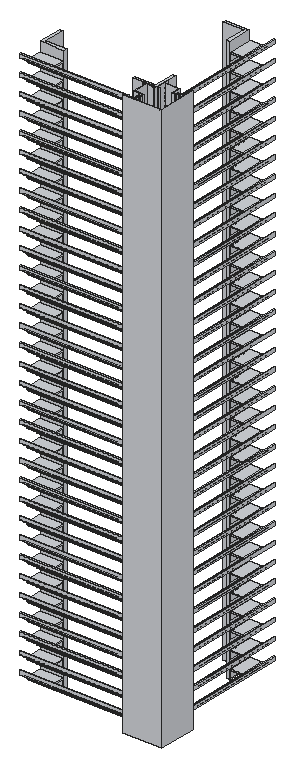
Revit family "ES-EL-2 (Box Corner)", category Mechanical Equipment, Revit 2015 (continued)
Forms (in)
  Extrusion 68, solid
    sketch origin (-14.48764, -11.29971, 23.67069) x (0, 1, 0) y (0, 0, 1)
      loop
        line (10.22317, -20.06353) -> (10.20676, -20.00228) -> (10.15882, -20.01737) -> (10.11406, -20.05206) -> (10.08916, -20.0952) -> (9.97802, -19.96172) -> (9.85682, -19.8373) -> (9.79268, -19.78114) -> (9.72423, -19.73032) -> (9.31671, -19.45246) -> (9.31671, -19.17069) -> (9.25771, -19.17069) -> (9.25771, -19.48365)
    from 4.67064 to 13.65364
  Extrusion 69, solid
    sketch origin (-14.48764, -11.29971, 22.22069) x (0, 1, 0) y (0, 0, 1)
      loop
        line (9.25771, -19.48365) -> (9.41126, -19.58834) -> (9.57839, -19.70229) -> (9.68235, -19.77317) -> (9.75563, -19.82705) -> (9.8224, -19.88601) -> (9.91212, -19.97708) -> (9.99904, -20.07659) -> (10.07997, -20.18154) -> (10.12676, -20.24077) -> (10.16148, -20.26933) -> (10.47814, -20.48524) -> (10.60505, -20.56965) -> (10.64778, -20.58183) -> (10.71035, -20.58276) -> (10.77982, -20.58518) -> (10.83315, -20.59878) -> (10.8957, -20.6332) -> (11.11006, -20.83253) -> (10.96958, -20.83253) -> (10.96958, -20.8907) -> (11.25622, -20.8907) -> (10.98451, -20.63232) -> (10.91566, -20.57063) -> (10.85482, -20.53862) -> (10.78597, -20.52225) -> (10.79667, -20.48232) -> (10.80191, -20.44464) -> (10.79771, -20.40358) -> (10.73388, -20.41014)
        arc (10.73388, -20.41014) -> (10.61986, -20.50924) -> (10.67009, -20.36677) r 0.07813
        line (10.67009, -20.36677) -> (10.65314, -20.30354) -> (10.59963, -20.32231) -> (10.55974, -20.35344) -> (10.53339, -20.39908) -> (10.52654, -20.44683) -> (10.26934, -20.27147) -> (10.29906, -20.25431) -> (10.33558, -20.21607) -> (10.35667, -20.15577) -> (10.35386, -20.10111) -> (10.28979, -20.10794)
        arc (10.28979, -20.10794) -> (10.17595, -20.20657) -> (10.22317, -20.06353) r 0.07812
        line (10.22317, -20.06353) -> (10.20676, -20.00228) -> (10.15882, -20.01737) -> (10.11406, -20.05206) -> (10.08916, -20.0952) -> (9.97802, -19.96172) -> (9.85682, -19.8373) -> (9.79268, -19.78114) -> (9.72423, -19.73032) -> (9.31671, -19.45246) -> (9.31671, -19.17069) -> (9.25771, -19.17069) -> (9.25771, -19.48365)
    from 4.67064 to 13.65364
  Extrusion 70, solid
    sketch origin (-14.48764, -11.29971, 20.77069) x (0, 1, 0) y (0, 0, 1)
      loop
        line (9.25771, -19.48365) -> (9.41126, -19.58834) -> (9.57839, -19.70229) -> (9.68235, -19.77317) -> (9.75563, -19.82705) -> (9.8224, -19.88601) -> (9.91212, -19.97708) -> (9.99904, -20.07659) -> (10.07997, -20.18154) -> (10.12676, -20.24077) -> (10.16148, -20.26933) -> (10.47814, -20.48524) -> (10.60505, -20.56965) -> (10.64778, -20.58183) -> (10.71035, -20.58276) -> (10.77982, -20.58518) -> (10.83315, -20.59878) -> (10.8957, -20.6332) -> (11.11006, -20.83253) -> (10.96958, -20.83253) -> (10.96958, -20.8907) -> (11.25622, -20.8907) -> (10.98451, -20.63232) -> (10.91566, -20.57063) -> (10.85482, -20.53862) -> (10.78597, -20.52225) -> (10.79667, -20.48232) -> (10.80191, -20.44464) -> (10.79771, -20.40358) -> (10.73388, -20.41014)
        arc (10.73388, -20.41014) -> (10.61986, -20.50924) -> (10.67009, -20.36677) r 0.07813
        line (10.67009, -20.36677) -> (10.65314, -20.30354) -> (10.59963, -20.32231) -> (10.55974, -20.35344) -> (10.53339, -20.39908) -> (10.52654, -20.44683) -> (10.26934, -20.27147) -> (10.29906, -20.25431) -> (10.33558, -20.21607) -> (10.35667, -20.15577) -> (10.35386, -20.10111) -> (10.28979, -20.10794)
        arc (10.28979, -20.10794) -> (10.17595, -20.20657) -> (10.22317, -20.06353) r 0.07812
        line (10.22317, -20.06353) -> (10.20676, -20.00228) -> (10.15882, -20.01737) -> (10.11406, -20.05206) -> (10.08916, -20.0952) -> (9.97802, -19.96172) -> (9.85682, -19.8373) -> (9.79268, -19.78114) -> (9.72423, -19.73032) -> (9.31671, -19.45246) -> (9.31671, -19.17069) -> (9.25771, -19.17069) -> (9.25771, -19.48365)
    from 4.67064 to 13.65364
Dimensions and locks (in)
  "Exact Height": plane 4 to level
  Extrusion 4 to Extrusion 3 = 1' - 0"
  Extrusion 3 to Extrusion 6 = 1' - 0"
  equal spacing: group 1, group 2, group 3, group 4, group 5, group 6, group 7, group 8, group 9, group 10, group 11, group 12, group 13, group 14, group 15, group 16, group 33, group 34, group 35, group 36, group 37, group 38, group 39, group 40, group 49, group 50, group 51, group 52, group 53, group 54, group 55, group 56, group 57  (x2)
  equal spacing: group 57, group 56, group 55, group 54, group 53, group 52, group 51, group 50, group 49, group 40, group 39, group 38, group 37, group 36, group 35, group 34, group 33, group 16, group 15, group 14, group 13, group 12, group 11, group 10, group 9, group 8, group 7, group 6, group 5, group 4, group 3, group 2, group 1
  "Blade Spacing": Extrusion 6 to Extrusion 7
  equal spacing: group 17, group 18, group 19, group 20, group 21, group 22, group 23, group 24, group 25, group 26, group 27, group 28, group 29, group 30, group 31, group 32, group 41, group 42, group 43, group 44, group 45, group 46, group 47, group 48, group 58, group 59, group 60, group 61, group 62, group 63, group 64, group 65, group 66  (x2)
  equal spacing: group 66, group 65, group 64, group 63, group 62, group 61, group 60, group 59, group 58, group 48, group 47, group 46, group 45, group 44, group 43, group 42, group 41, group 32, group 31, group 30, group 29, group 28, group 27, group 26, group 25, group 24, group 23, group 22, group 21, group 20, group 19, group 18, group 17
  "Blade Spacing": Extrusion 4 to Extrusion 22
  aligned and locked: level to plane 2
  aligned and locked: plane 4 to Extrusion 1
  aligned and locked: plane 4 to Extrusion 2
  aligned and locked: plane 4 to Extrusion 3
  aligned and locked: plane 4 to Extrusion 5
  aligned and locked: plane 4 to Extrusion 4
  aligned and locked: plane 4 to Extrusion 6
  aligned and locked: Extrusion 6 to Extrusion 7
  aligned and locked: Extrusion 4 to Extrusion 22
Automatic sketch dimensions
  plane 1 "Center (Front/Back)" to Extrusion 1 sketch curve = 0' - 0"
  Extrusion 1 sketch curve to plane 3 "Center (Left/Right)" = 0' - 0"
  Extrusion 1 sketch curve to plane 1 "Center (Front/Back)" = 0' - 0.015"
  Extrusion 1 sketch curve to plane 1 "Center (Front/Back)" = 0' - 0.06"  (x2)
  Extrusion 1 sketch curve to Extrusion 1 sketch curve = 0' - 0.045"  (x2)
  Extrusion 1 sketch curve to Extrusion 1 sketch curve = 0' - 0.06"  (x9)
  Extrusion 1 sketch curve to Extrusion 1 sketch curve = 0' - 0.088"
  Extrusion 1 sketch curve to Extrusion 1 sketch curve = 0' - 0.506"
  plane 3 "Center (Left/Right)" to Extrusion 1 sketch curve = 0' - 0.06"
  Extrusion 1 sketch curve to Extrusion 1 sketch curve = 0' - 0.714"
  Extrusion 1 sketch curve to Extrusion 1 sketch curve = 0' - 0.22614"
  Extrusion 1 sketch curve to Extrusion 1 sketch curve = 0' - 0.06486"
  Extrusion 1 sketch curve to Extrusion 1 sketch curve = 0' - 0.291"
  Extrusion 1 sketch curve to Extrusion 1 sketch curve = 0' - 0.128"  (x2)
  Extrusion 1 sketch curve to Extrusion 1 sketch curve = 0' - 1.202"
  Extrusion 1 sketch curve to Extrusion 1 sketch curve = 0' - 0.22"
  Extrusion 1 sketch curve to Extrusion 1 sketch curve = 0' - 0"  (x4)
  Extrusion 1 sketch curve to Extrusion 1 sketch curve = 0' - 0.062"
  Extrusion 1 sketch curve to Extrusion 1 sketch curve = 0' - 0.219"
  Extrusion 1 sketch curve to Extrusion 1 sketch curve = 0' - 0.592"
  Extrusion 1 sketch curve to Extrusion 1 sketch curve = 0' - 0.159"
  Extrusion 1 sketch curve to Extrusion 1 sketch curve = 0' - 0.04197"
  Extrusion 2 sketch curve to plane 3 "Center (Left/Right)" = 0' - 0"
  plane 1 "Center (Front/Back)" to Extrusion 2 sketch curve = 0' - 0"
  plane 3 "Center (Left/Right)" to Extrusion 2 sketch curve = 0' - 0.015"
  plane 3 "Center (Left/Right)" to Extrusion 2 sketch curve = 0' - 0.06"  (x2)
  Extrusion 2 sketch curve to Extrusion 2 sketch curve = 0' - 0.045"  (x2)
  Extrusion 2 sketch curve to Extrusion 2 sketch curve = 0' - 0.06"  (x9)
  Extrusion 2 sketch curve to Extrusion 2 sketch curve = 0' - 0.088"
  Extrusion 2 sketch curve to Extrusion 2 sketch curve = 0' - 0.506"
  Extrusion 2 sketch curve to plane 1 "Center (Front/Back)" = 0' - 0.06"
  Extrusion 2 sketch curve to Extrusion 2 sketch curve = 0' - 0.714"
  Extrusion 2 sketch curve to Extrusion 2 sketch curve = 0' - 0.22614"
  Extrusion 2 sketch curve to Extrusion 2 sketch curve = 0' - 0.06486"
  Extrusion 2 sketch curve to Extrusion 2 sketch curve = 0' - 0.291"
  Extrusion 2 sketch curve to Extrusion 2 sketch curve = 0' - 0.128"  (x2)
  Extrusion 2 sketch curve to Extrusion 2 sketch curve = 0' - 1.202"
  Extrusion 2 sketch curve to Extrusion 2 sketch curve = 0' - 0.22"
  Extrusion 2 sketch curve to Extrusion 2 sketch curve = 0' - 0"  (x4)
  Extrusion 2 sketch curve to Extrusion 2 sketch curve = 0' - 0.062"
  Extrusion 2 sketch curve to Extrusion 2 sketch curve = 0' - 0.219"
  Extrusion 2 sketch curve to Extrusion 2 sketch curve = 0' - 0.592"
  Extrusion 2 sketch curve to Extrusion 2 sketch curve = 0' - 0.159"
  Extrusion 2 sketch curve to Extrusion 2 sketch curve = 0' - 0.04197"
  Extrusion 3 sketch curve to plane 3 "Center (Left/Right)" = 0' - 1.06014"
  plane 3 "Center (Left/Right)" to Extrusion 3 sketch curve = 0' - 2.102"
  Extrusion 3 sketch curve to Extrusion 3 sketch curve = 0' - 0.081"  (x2)
  plane 1 "Center (Front/Back)" to Extrusion 3 sketch curve = 0' - 2.183"
  Extrusion 3 sketch curve to plane 1 "Center (Front/Back)" = 0' - 1.06014"
  Extrusion 4 sketch curve to Extrusion 4 sketch curve = 0' - 0.059"
  Extrusion 4 sketch curve to Extrusion 4 sketch curve = 0' - 0.09455"
  Extrusion 4 sketch curve to Extrusion 4 sketch curve = 0' - 0.16713"
  Extrusion 4 sketch curve to Extrusion 4 sketch curve = 0' - 0.10396"
  Extrusion 4 sketch curve to Extrusion 4 sketch curve = 0' - 0.04188"
  Extrusion 4 sketch curve to Extrusion 4 sketch curve = 0' - 0.07328"
  Extrusion 4 sketch curve to Extrusion 4 sketch curve = 0' - 0.03705"
  Extrusion 4 sketch curve to Extrusion 4 sketch curve = 0' - 0.06678"
  Extrusion 4 sketch curve to Extrusion 4 sketch curve = 0' - 0.03441"
  Extrusion 4 sketch curve to Extrusion 4 sketch curve = 0' - 0.08971"
  Extrusion 4 sketch curve to Extrusion 4 sketch curve = 0' - 0.06591"
  Extrusion 4 sketch curve to Extrusion 4 sketch curve = 0' - 0.02101"
  Extrusion 4 sketch curve to Extrusion 4 sketch curve = 0' - 0.08093"
  Extrusion 4 sketch curve to Extrusion 4 sketch curve = 0' - 0.0092"
  Extrusion 4 sketch curve to Extrusion 4 sketch curve = 0' - 0.0249"
  Extrusion 4 sketch curve to Extrusion 4 sketch curve = 0' - 0.04679"
  Extrusion 4 sketch curve to Extrusion 4 sketch curve = 0' - 0.04475"
  Extrusion 4 sketch curve to Extrusion 4 sketch curve = 0' - 0.03472"
  Extrusion 4 sketch curve to Extrusion 4 sketch curve = 0' - 0.04794"
  Extrusion 4 sketch curve to Extrusion 4 sketch curve = 0' - 0.09251"
  Extrusion 4 sketch curve to Extrusion 4 sketch curve = 0' - 0.01641"
  Extrusion 4 sketch curve to Extrusion 4 sketch curve = 0' - 0.10787"
  Extrusion 4 sketch curve to Extrusion 4 sketch curve = 0' - 0.07052"
  Extrusion 4 sketch curve to Extrusion 4 sketch curve = 0' - 0.02971"
  Extrusion 4 sketch curve to Extrusion 4 sketch curve = 0' - 0.03652"
  Extrusion 4 sketch curve to Extrusion 4 sketch curve = 0' - 0.06407"
  Extrusion 4 sketch curve to Extrusion 4 sketch curve = 0' - 0.0028"
  Extrusion 4 sketch curve to Extrusion 4 sketch curve = 0' - 0.17908"
  Extrusion 4 sketch curve to Extrusion 4 sketch curve = 0' - 0.0484"
  Extrusion 4 sketch curve to Extrusion 4 sketch curve = 0' - 0.00685"
  Extrusion 4 sketch curve to Extrusion 4 sketch curve = 0' - 0.02635"
  Extrusion 4 sketch curve to Extrusion 4 sketch curve = 0' - 0.03989"
  Extrusion 4 sketch curve to Extrusion 4 sketch curve = 0' - 0.07851"
  Extrusion 4 sketch curve to Extrusion 4 sketch curve = 0' - 0.04274"
  Extrusion 4 sketch curve to Extrusion 4 sketch curve = 0' - 0.05351"
  Extrusion 4 sketch curve to Extrusion 4 sketch curve = 0' - 0.13725"
  Extrusion 4 sketch curve to Extrusion 4 sketch curve = 0' - 0.01694"
  Extrusion 4 sketch curve to Extrusion 4 sketch curve = 0' - 0.06256"
  Extrusion 4 sketch curve to Extrusion 4 sketch curve = 0' - 0.06379"
  Extrusion 4 sketch curve to Extrusion 4 sketch curve = 0' - 0.06947"
  Extrusion 4 sketch curve to Extrusion 4 sketch curve = 0' - 0.00615"
  Extrusion 4 sketch curve to Extrusion 4 sketch curve = 0' - 0.0107"
  Extrusion 4 sketch curve to Extrusion 4 sketch curve = 0' - 0.06383"
  Extrusion 4 sketch curve to Extrusion 4 sketch curve = 0' - 0.00524"
  Extrusion 4 sketch curve to Extrusion 4 sketch curve = 0' - 0.05333"
  Extrusion 4 sketch curve to Extrusion 4 sketch curve = 0' - 0.02167"
  Extrusion 4 sketch curve to Extrusion 4 sketch curve = 0' - 0.06255"
  Extrusion 4 sketch curve to Extrusion 4 sketch curve = 0' - 0.01996"
  Extrusion 4 sketch curve to Extrusion 4 sketch curve = 0' - 0.07389"
  Extrusion 4 sketch curve to Extrusion 4 sketch curve = 0' - 0.08882"
  Extrusion 4 sketch curve to Extrusion 4 sketch curve = 0' - 0.14048"
  Extrusion 4 sketch curve to Extrusion 4 sketch curve = 0' - 0.07571"
  Extrusion 4 sketch curve to Extrusion 4 sketch curve = 0' - 0.01536"
  Extrusion 4 sketch curve to Extrusion 4 sketch curve = 0' - 0.04056"
  Extrusion 4 sketch curve to Extrusion 4 sketch curve = 0' - 0.01509"
  Extrusion 4 sketch curve to Extrusion 4 sketch curve = 0' - 0.03469"
  Extrusion 4 sketch curve to Extrusion 4 sketch curve = 0' - 0.06126"
  Extrusion 4 sketch curve to Extrusion 4 sketch curve = 0' - 0.11488"
  Extrusion 4 sketch curve to Extrusion 4 sketch curve = 0' - 0.04313"
  Extrusion 4 sketch curve to Extrusion 4 sketch curve = 0' - 0.03758"
  Extrusion 4 sketch curve to Extrusion 4 sketch curve = 0' - 0.00683"
  Extrusion 4 sketch curve to Extrusion 4 sketch curve = 0' - 0.05466"
  Extrusion 4 sketch curve to Extrusion 4 sketch curve = 0' - 0.08634"
  Extrusion 4 sketch curve to Extrusion 4 sketch curve = 0' - 0.0603"
  Extrusion 4 sketch curve to Extrusion 4 sketch curve = 0' - 0.05923"
  Extrusion 4 sketch curve to Extrusion 4 sketch curve = 0' - 0.03824"
  Extrusion 4 sketch curve to Extrusion 4 sketch curve = 0' - 0.02856"
  Extrusion 4 sketch curve to Extrusion 4 sketch curve = 0' - 0.01716"
  Extrusion 4 sketch curve to Extrusion 4 sketch curve = 0' - 0.08747"
  Extrusion 4 sketch curve to Extrusion 4 sketch curve = 0' - 0.01878"
  Extrusion 4 sketch curve to Extrusion 4 sketch curve = 0' - 0.03113"
  Extrusion 4 sketch curve to Extrusion 4 sketch curve = 0' - 0.06323"
  Extrusion 4 sketch curve to Extrusion 4 sketch curve = 0' - 0.04564"
  Extrusion 4 sketch curve to Extrusion 4 sketch curve = 0' - 0.03681"
  Extrusion 4 sketch curve to Extrusion 4 sketch curve = 0' - 0.00656"
  Extrusion 4 sketch curve to Extrusion 4 sketch curve = 0' - 0.04106"
  Extrusion 4 sketch curve to Extrusion 4 sketch curve = 0' - 0.04775"
  Extrusion 4 sketch curve to Extrusion 4 sketch curve = 0' - 0.03768"
  Extrusion 4 sketch curve to Extrusion 4 sketch curve = 0' - 0.03841"
  Extrusion 4 sketch curve to Extrusion 4 sketch curve = 0' - 0.03993"
  Extrusion 4 sketch curve to Extrusion 4 sketch curve = 0' - 0.01637"
  Extrusion 4 sketch curve to Extrusion 4 sketch curve = 0' - 0 1/8"
  Extrusion 4 sketch curve to Extrusion 4 sketch curve = 0' - 0.03201"
  Extrusion 4 sketch curve to Extrusion 4 sketch curve = 0' - 0.01218"
  Extrusion 4 sketch curve to Extrusion 4 sketch curve = 0' - 0.00093"
  Extrusion 4 sketch curve to Extrusion 4 sketch curve = 0' - 0.06293"
  Extrusion 4 sketch curve to Extrusion 4 sketch curve = 0' - 0.01359"
  Extrusion 4 sketch curve to Extrusion 4 sketch curve = 0' - 0.06169"
  Extrusion 4 sketch curve to Extrusion 4 sketch curve = 0' - 0.06257"
  Extrusion 4 sketch curve to Extrusion 4 sketch curve = 0' - 0.20021"
  Extrusion 4 sketch curve to Extrusion 4 sketch curve = 0' - 0.05817"
  Extrusion 4 sketch curve to Extrusion 4 sketch curve = 0' - 0.10469"
  Extrusion 4 sketch curve to Extrusion 4 sketch curve = 0' - 0.03118"
  plane 1 "Center (Front/Back)" to Extrusion 5 sketch curve = 0' - 0"
  Extrusion 5 sketch curve to plane 3 "Center (Left/Right)" = 0' - 0"
  Extrusion 5 sketch curve to plane 3 "Center (Left/Right)" = 0' - 0 1/4"
  Extrusion 5 sketch curve to Extrusion 5 sketch curve = 0' - 1 3/4"  (x2)
  Extrusion 5 sketch curve to plane 1 "Center (Front/Back)" = 0' - 0 1/4"
  Extrusion 6 sketch curve to Extrusion 6 sketch curve = 0' - 0.059"
  Extrusion 6 sketch curve to Extrusion 6 sketch curve = 0' - 0.09455"
  Extrusion 6 sketch curve to Extrusion 6 sketch curve = 0' - 0.16713"
  Extrusion 6 sketch curve to Extrusion 6 sketch curve = 0' - 0.10396"
  Extrusion 6 sketch curve to Extrusion 6 sketch curve = 0' - 0.04188"
  Extrusion 6 sketch curve to Extrusion 6 sketch curve = 0' - 0.07328"
  Extrusion 6 sketch curve to Extrusion 6 sketch curve = 0' - 0.03705"
  Extrusion 6 sketch curve to Extrusion 6 sketch curve = 0' - 0.06678"
  Extrusion 6 sketch curve to Extrusion 6 sketch curve = 0' - 0.03441"
  Extrusion 6 sketch curve to Extrusion 6 sketch curve = 0' - 0.08971"
  Extrusion 6 sketch curve to Extrusion 6 sketch curve = 0' - 0.06591"
  Extrusion 6 sketch curve to Extrusion 6 sketch curve = 0' - 0.02101"
  Extrusion 6 sketch curve to Extrusion 6 sketch curve = 0' - 0.08093"
  Extrusion 6 sketch curve to Extrusion 6 sketch curve = 0' - 0.0092"
  Extrusion 6 sketch curve to Extrusion 6 sketch curve = 0' - 0.0249"
  Extrusion 6 sketch curve to Extrusion 6 sketch curve = 0' - 0.04679"
  Extrusion 6 sketch curve to Extrusion 6 sketch curve = 0' - 0.04475"
  Extrusion 6 sketch curve to Extrusion 6 sketch curve = 0' - 0.03472"
  Extrusion 6 sketch curve to Extrusion 6 sketch curve = 0' - 0.04794"
  Extrusion 6 sketch curve to Extrusion 6 sketch curve = 0' - 0.09251"
  Extrusion 6 sketch curve to Extrusion 6 sketch curve = 0' - 0.01641"
  Extrusion 6 sketch curve to Extrusion 6 sketch curve = 0' - 0.10787"
  Extrusion 6 sketch curve to Extrusion 6 sketch curve = 0' - 0.07052"
  Extrusion 6 sketch curve to Extrusion 6 sketch curve = 0' - 0.02971"
  Extrusion 6 sketch curve to Extrusion 6 sketch curve = 0' - 0.03652"
  Extrusion 6 sketch curve to Extrusion 6 sketch curve = 0' - 0.06407"
  Extrusion 6 sketch curve to Extrusion 6 sketch curve = 0' - 0.0028"
  Extrusion 6 sketch curve to Extrusion 6 sketch curve = 0' - 0.17908"
  Extrusion 6 sketch curve to Extrusion 6 sketch curve = 0' - 0.0484"
  Extrusion 6 sketch curve to Extrusion 6 sketch curve = 0' - 0.00685"
  Extrusion 6 sketch curve to Extrusion 6 sketch curve = 0' - 0.02635"
  Extrusion 6 sketch curve to Extrusion 6 sketch curve = 0' - 0.03989"
  Extrusion 6 sketch curve to Extrusion 6 sketch curve = 0' - 0.07851"
  Extrusion 6 sketch curve to Extrusion 6 sketch curve = 0' - 0.04274"
  Extrusion 6 sketch curve to Extrusion 6 sketch curve = 0' - 0.05351"
  Extrusion 6 sketch curve to Extrusion 6 sketch curve = 0' - 0.13725"
  Extrusion 6 sketch curve to Extrusion 6 sketch curve = 0' - 0.01694"
  Extrusion 6 sketch curve to Extrusion 6 sketch curve = 0' - 0.06256"
  Extrusion 6 sketch curve to Extrusion 6 sketch curve = 0' - 0.06379"
  Extrusion 6 sketch curve to Extrusion 6 sketch curve = 0' - 0.06947"
  Extrusion 6 sketch curve to Extrusion 6 sketch curve = 0' - 0.00615"
  Extrusion 6 sketch curve to Extrusion 6 sketch curve = 0' - 0.0107"
  Extrusion 6 sketch curve to Extrusion 6 sketch curve = 0' - 0.06383"
  Extrusion 6 sketch curve to Extrusion 6 sketch curve = 0' - 0.00524"
  Extrusion 6 sketch curve to Extrusion 6 sketch curve = 0' - 0.05333"
  Extrusion 6 sketch curve to Extrusion 6 sketch curve = 0' - 0.02167"
  Extrusion 6 sketch curve to Extrusion 6 sketch curve = 0' - 0.06255"
  Extrusion 6 sketch curve to Extrusion 6 sketch curve = 0' - 0.01996"
  Extrusion 6 sketch curve to Extrusion 6 sketch curve = 0' - 0.07389"
  Extrusion 6 sketch curve to Extrusion 6 sketch curve = 0' - 0.08882"
  Extrusion 6 sketch curve to Extrusion 6 sketch curve = 0' - 0.14048"
  Extrusion 6 sketch curve to Extrusion 6 sketch curve = 0' - 0.13587"
  Extrusion 6 sketch curve to Extrusion 6 sketch curve = 0' - 0.03118"
  Extrusion 6 sketch curve to Extrusion 6 sketch curve = 0' - 0.07571"
  Extrusion 6 sketch curve to Extrusion 6 sketch curve = 0' - 0.01536"
  Extrusion 6 sketch curve to Extrusion 6 sketch curve = 0' - 0.04056"
  Extrusion 6 sketch curve to Extrusion 6 sketch curve = 0' - 0.01509"
  Extrusion 6 sketch curve to Extrusion 6 sketch curve = 0' - 0.03469"
  Extrusion 6 sketch curve to Extrusion 6 sketch curve = 0' - 0.06126"
  Extrusion 6 sketch curve to Extrusion 6 sketch curve = 0' - 0.11488"
  Extrusion 6 sketch curve to Extrusion 6 sketch curve = 0' - 0.04313"
  Extrusion 6 sketch curve to Extrusion 6 sketch curve = 0' - 0.03758"
  Extrusion 6 sketch curve to Extrusion 6 sketch curve = 0' - 0.00683"
  Extrusion 6 sketch curve to Extrusion 6 sketch curve = 0' - 0.05466"
  Extrusion 6 sketch curve to Extrusion 6 sketch curve = 0' - 0.08634"
  Extrusion 6 sketch curve to Extrusion 6 sketch curve = 0' - 0.0603"
  Extrusion 6 sketch curve to Extrusion 6 sketch curve = 0' - 0.05923"
  Extrusion 6 sketch curve to Extrusion 6 sketch curve = 0' - 0.03824"
  Extrusion 6 sketch curve to Extrusion 6 sketch curve = 0' - 0.02856"
  Extrusion 6 sketch curve to Extrusion 6 sketch curve = 0' - 0.01716"
  Extrusion 6 sketch curve to Extrusion 6 sketch curve = 0' - 0.08747"
  Extrusion 6 sketch curve to Extrusion 6 sketch curve = 0' - 0.01878"
  Extrusion 6 sketch curve to Extrusion 6 sketch curve = 0' - 0.03113"
  Extrusion 6 sketch curve to Extrusion 6 sketch curve = 0' - 0.06323"
  Extrusion 6 sketch curve to Extrusion 6 sketch curve = 0' - 0.04564"
  Extrusion 6 sketch curve to Extrusion 6 sketch curve = 0' - 0.03681"
  Extrusion 6 sketch curve to Extrusion 6 sketch curve = 0' - 0.00656"
  Extrusion 6 sketch curve to Extrusion 6 sketch curve = 0' - 0.04106"
  Extrusion 6 sketch curve to Extrusion 6 sketch curve = 0' - 0.04775"
  Extrusion 6 sketch curve to Extrusion 6 sketch curve = 0' - 0.03768"
  Extrusion 6 sketch curve to Extrusion 6 sketch curve = 0' - 0.03841"
  Extrusion 6 sketch curve to Extrusion 6 sketch curve = 0' - 0.03993"
  Extrusion 6 sketch curve to Extrusion 6 sketch curve = 0' - 0.01637"
  Extrusion 6 sketch curve to Extrusion 6 sketch curve = 0' - 0 1/8"
  Extrusion 6 sketch curve to Extrusion 6 sketch curve = 0' - 0.03201"
  Extrusion 6 sketch curve to Extrusion 6 sketch curve = 0' - 0.01218"
  Extrusion 6 sketch curve to Extrusion 6 sketch curve = 0' - 0.00093"
  Extrusion 6 sketch curve to Extrusion 6 sketch curve = 0' - 0.06293"
  Extrusion 6 sketch curve to Extrusion 6 sketch curve = 0' - 0.01359"
  Extrusion 6 sketch curve to Extrusion 6 sketch curve = 0' - 0.06169"
  Extrusion 6 sketch curve to Extrusion 6 sketch curve = 0' - 0.06257"
  Extrusion 6 sketch curve to Extrusion 6 sketch curve = 0' - 0.20021"
  Extrusion 6 sketch curve to Extrusion 6 sketch curve = 0' - 0.05817"
  Extrusion 6 sketch curve to Extrusion 6 sketch curve = 0' - 0.14616"
  Extrusion 6 sketch curve to Extrusion 6 sketch curve = 0' - 0.28177"
  Extrusion 6 sketch curve to Extrusion 6 sketch curve = 0' - 0.11395"
  Extrusion 6 sketch curve to Extrusion 6 sketch curve = 0' - 0.02803"
  Extrusion 6 sketch curve to Extrusion 6 sketch curve = 0' - 0.04285"
  Extrusion 6 sketch curve to Extrusion 6 sketch curve = 0' - 0.05082"
  Extrusion 6 sketch curve to Extrusion 6 sketch curve = 0' - 0.04592"
  Extrusion 6 sketch curve to Extrusion 6 sketch curve = 0' - 0.05616"
  Extrusion 6 sketch curve to Extrusion 6 sketch curve = 0' - 0.04871"
  Extrusion 7 sketch curve to Extrusion 7 sketch curve = 0' - 0.059"
  Extrusion 7 sketch curve to Extrusion 7 sketch curve = 0' - 0.09455"
  Extrusion 7 sketch curve to Extrusion 7 sketch curve = 0' - 0.16713"
  Extrusion 7 sketch curve to Extrusion 7 sketch curve = 0' - 0.10396"
  Extrusion 7 sketch curve to Extrusion 7 sketch curve = 0' - 0.04188"
  Extrusion 7 sketch curve to Extrusion 7 sketch curve = 0' - 0.07328"
  Extrusion 7 sketch curve to Extrusion 7 sketch curve = 0' - 0.03705"
  Extrusion 7 sketch curve to Extrusion 7 sketch curve = 0' - 0.06678"
  Extrusion 7 sketch curve to Extrusion 7 sketch curve = 0' - 0.03441"
  Extrusion 7 sketch curve to Extrusion 7 sketch curve = 0' - 0.08971"
  Extrusion 7 sketch curve to Extrusion 7 sketch curve = 0' - 0.06591"
  Extrusion 7 sketch curve to Extrusion 7 sketch curve = 0' - 0.02101"
  Extrusion 7 sketch curve to Extrusion 7 sketch curve = 0' - 0.08093"
  Extrusion 7 sketch curve to Extrusion 7 sketch curve = 0' - 0.0092"
  Extrusion 7 sketch curve to Extrusion 7 sketch curve = 0' - 0.0249"
  Extrusion 7 sketch curve to Extrusion 7 sketch curve = 0' - 0.04679"
  Extrusion 7 sketch curve to Extrusion 7 sketch curve = 0' - 0.04475"
  Extrusion 7 sketch curve to Extrusion 7 sketch curve = 0' - 0.03472"
  Extrusion 7 sketch curve to Extrusion 7 sketch curve = 0' - 0.04794"
  Extrusion 7 sketch curve to Extrusion 7 sketch curve = 0' - 0.09251"
  Extrusion 7 sketch curve to Extrusion 7 sketch curve = 0' - 0.01641"
  Extrusion 7 sketch curve to Extrusion 7 sketch curve = 0' - 0.10787"
  Extrusion 7 sketch curve to Extrusion 7 sketch curve = 0' - 0.07052"
  Extrusion 7 sketch curve to Extrusion 7 sketch curve = 0' - 0.02971"
  Extrusion 7 sketch curve to Extrusion 7 sketch curve = 0' - 0.03652"
  Extrusion 7 sketch curve to Extrusion 7 sketch curve = 0' - 0.06407"
  Extrusion 7 sketch curve to Extrusion 7 sketch curve = 0' - 0.0028"
  Extrusion 7 sketch curve to Extrusion 7 sketch curve = 0' - 0.17908"
  Extrusion 7 sketch curve to Extrusion 7 sketch curve = 0' - 0.0484"
  Extrusion 7 sketch curve to Extrusion 7 sketch curve = 0' - 0.00685"
  Extrusion 7 sketch curve to Extrusion 7 sketch curve = 0' - 0.02635"
  Extrusion 7 sketch curve to Extrusion 7 sketch curve = 0' - 0.03989"
  Extrusion 7 sketch curve to Extrusion 7 sketch curve = 0' - 0.07851"
  Extrusion 7 sketch curve to Extrusion 7 sketch curve = 0' - 0.04274"
  Extrusion 7 sketch curve to Extrusion 7 sketch curve = 0' - 0.05351"
  Extrusion 7 sketch curve to Extrusion 7 sketch curve = 0' - 0.13725"
  Extrusion 7 sketch curve to Extrusion 7 sketch curve = 0' - 0.01694"
  Extrusion 7 sketch curve to Extrusion 7 sketch curve = 0' - 0.06256"
  Extrusion 7 sketch curve to Extrusion 7 sketch curve = 0' - 0.06379"
  Extrusion 7 sketch curve to Extrusion 7 sketch curve = 0' - 0.06947"
  Extrusion 7 sketch curve to Extrusion 7 sketch curve = 0' - 0.00615"
  Extrusion 7 sketch curve to Extrusion 7 sketch curve = 0' - 0.0107"
  Extrusion 7 sketch curve to Extrusion 7 sketch curve = 0' - 0.06383"
  Extrusion 7 sketch curve to Extrusion 7 sketch curve = 0' - 0.00524"
  Extrusion 7 sketch curve to Extrusion 7 sketch curve = 0' - 0.05333"
  Extrusion 7 sketch curve to Extrusion 7 sketch curve = 0' - 0.02167"
  Extrusion 7 sketch curve to Extrusion 7 sketch curve = 0' - 0.06255"
  Extrusion 7 sketch curve to Extrusion 7 sketch curve = 0' - 0.01996"
  Extrusion 7 sketch curve to Extrusion 7 sketch curve = 0' - 0.07389"
  Extrusion 7 sketch curve to Extrusion 7 sketch curve = 0' - 0.08882"
  Extrusion 7 sketch curve to Extrusion 7 sketch curve = 0' - 0.14048"
  Extrusion 7 sketch curve to Extrusion 7 sketch curve = 0' - 0.13587"
  Extrusion 7 sketch curve to Extrusion 7 sketch curve = 0' - 0.03118"
  Extrusion 7 sketch curve to Extrusion 7 sketch curve = 0' - 0.07571"
  Extrusion 7 sketch curve to Extrusion 7 sketch curve = 0' - 0.01536"
  Extrusion 7 sketch curve to Extrusion 7 sketch curve = 0' - 0.04056"
  Extrusion 7 sketch curve to Extrusion 7 sketch curve = 0' - 0.01509"
  Extrusion 7 sketch curve to Extrusion 7 sketch curve = 0' - 0.03469"
  Extrusion 7 sketch curve to Extrusion 7 sketch curve = 0' - 0.06126"
  Extrusion 7 sketch curve to Extrusion 7 sketch curve = 0' - 0.11488"
  Extrusion 7 sketch curve to Extrusion 7 sketch curve = 0' - 0.04313"
  Extrusion 7 sketch curve to Extrusion 7 sketch curve = 0' - 0.03758"
  Extrusion 7 sketch curve to Extrusion 7 sketch curve = 0' - 0.00683"
  Extrusion 7 sketch curve to Extrusion 7 sketch curve = 0' - 0.05466"
  Extrusion 7 sketch curve to Extrusion 7 sketch curve = 0' - 0.08634"
  Extrusion 7 sketch curve to Extrusion 7 sketch curve = 0' - 0.0603"
  Extrusion 7 sketch curve to Extrusion 7 sketch curve = 0' - 0.05923"
  Extrusion 7 sketch curve to Extrusion 7 sketch curve = 0' - 0.03824"
  Extrusion 7 sketch curve to Extrusion 7 sketch curve = 0' - 0.02856"
  Extrusion 7 sketch curve to Extrusion 7 sketch curve = 0' - 0.01716"
  Extrusion 7 sketch curve to Extrusion 7 sketch curve = 0' - 0.08747"
  Extrusion 7 sketch curve to Extrusion 7 sketch curve = 0' - 0.01878"
  Extrusion 7 sketch curve to Extrusion 7 sketch curve = 0' - 0.03113"
  Extrusion 7 sketch curve to Extrusion 7 sketch curve = 0' - 0.06323"
  Extrusion 7 sketch curve to Extrusion 7 sketch curve = 0' - 0.04564"
  Extrusion 7 sketch curve to Extrusion 7 sketch curve = 0' - 0.03681"
  Extrusion 7 sketch curve to Extrusion 7 sketch curve = 0' - 0.00656"
  Extrusion 7 sketch curve to Extrusion 7 sketch curve = 0' - 0.04106"
  Extrusion 7 sketch curve to Extrusion 7 sketch curve = 0' - 0.04775"
  Extrusion 7 sketch curve to Extrusion 7 sketch curve = 0' - 0.03768"
  Extrusion 7 sketch curve to Extrusion 7 sketch curve = 0' - 0.03841"
  Extrusion 7 sketch curve to Extrusion 7 sketch curve = 0' - 0.03993"
  Extrusion 7 sketch curve to Extrusion 7 sketch curve = 0' - 0.01637"
  Extrusion 7 sketch curve to Extrusion 7 sketch curve = 0' - 0 1/8"
  Extrusion 7 sketch curve to Extrusion 7 sketch curve = 0' - 0.03201"
  Extrusion 7 sketch curve to Extrusion 7 sketch curve = 0' - 0.01218"
  Extrusion 7 sketch curve to Extrusion 7 sketch curve = 0' - 0.00093"
  Extrusion 7 sketch curve to Extrusion 7 sketch curve = 0' - 0.06293"
  Extrusion 7 sketch curve to Extrusion 7 sketch curve = 0' - 0.01359"
  Extrusion 7 sketch curve to Extrusion 7 sketch curve = 0' - 0.06169"
  Extrusion 7 sketch curve to Extrusion 7 sketch curve = 0' - 0.06257"
  Extrusion 7 sketch curve to Extrusion 7 sketch curve = 0' - 0.20021"
  Extrusion 7 sketch curve to Extrusion 7 sketch curve = 0' - 0.05817"
  Extrusion 7 sketch curve to Extrusion 7 sketch curve = 0' - 0.14616"
  Extrusion 7 sketch curve to Extrusion 7 sketch curve = 0' - 0.28177"
  Extrusion 7 sketch curve to Extrusion 7 sketch curve = 0' - 0.11395"
  Extrusion 7 sketch curve to Extrusion 7 sketch curve = 0' - 0.02803"
  Extrusion 7 sketch curve to Extrusion 7 sketch curve = 0' - 0.04285"
  Extrusion 7 sketch curve to Extrusion 7 sketch curve = 0' - 0.05082"
  Extrusion 7 sketch curve to Extrusion 7 sketch curve = 0' - 0.04592"
  Extrusion 7 sketch curve to Extrusion 7 sketch curve = 0' - 0.05616"
  Extrusion 7 sketch curve to Extrusion 7 sketch curve = 0' - 0.04871"
  Extrusion 8 sketch curve to Extrusion 8 sketch curve = 0' - 0.059"
  Extrusion 8 sketch curve to Extrusion 8 sketch curve = 0' - 0.09455"
  Extrusion 8 sketch curve to Extrusion 8 sketch curve = 0' - 0.16713"
  Extrusion 8 sketch curve to Extrusion 8 sketch curve = 0' - 0.10396"
  Extrusion 8 sketch curve to Extrusion 8 sketch curve = 0' - 0.04188"
  Extrusion 8 sketch curve to Extrusion 8 sketch curve = 0' - 0.07328"
  Extrusion 8 sketch curve to Extrusion 8 sketch curve = 0' - 0.03705"
  Extrusion 8 sketch curve to Extrusion 8 sketch curve = 0' - 0.06678"
  Extrusion 8 sketch curve to Extrusion 8 sketch curve = 0' - 0.03441"
  Extrusion 8 sketch curve to Extrusion 8 sketch curve = 0' - 0.08971"
  Extrusion 8 sketch curve to Extrusion 8 sketch curve = 0' - 0.06591"
  Extrusion 8 sketch curve to Extrusion 8 sketch curve = 0' - 0.02101"
  Extrusion 8 sketch curve to Extrusion 8 sketch curve = 0' - 0.08093"
  Extrusion 8 sketch curve to Extrusion 8 sketch curve = 0' - 0.0092"
  Extrusion 8 sketch curve to Extrusion 8 sketch curve = 0' - 0.0249"
  Extrusion 8 sketch curve to Extrusion 8 sketch curve = 0' - 0.04679"
  Extrusion 8 sketch curve to Extrusion 8 sketch curve = 0' - 0.04475"
  Extrusion 8 sketch curve to Extrusion 8 sketch curve = 0' - 0.03472"
  Extrusion 8 sketch curve to Extrusion 8 sketch curve = 0' - 0.04794"
  Extrusion 8 sketch curve to Extrusion 8 sketch curve = 0' - 0.09251"
  Extrusion 8 sketch curve to Extrusion 8 sketch curve = 0' - 0.01641"
  Extrusion 8 sketch curve to Extrusion 8 sketch curve = 0' - 0.10787"
  Extrusion 8 sketch curve to Extrusion 8 sketch curve = 0' - 0.07052"
  Extrusion 8 sketch curve to Extrusion 8 sketch curve = 0' - 0.02971"
  Extrusion 8 sketch curve to Extrusion 8 sketch curve = 0' - 0.03652"
  Extrusion 8 sketch curve to Extrusion 8 sketch curve = 0' - 0.06407"
  Extrusion 8 sketch curve to Extrusion 8 sketch curve = 0' - 0.0028"
  Extrusion 8 sketch curve to Extrusion 8 sketch curve = 0' - 0.17908"
  Extrusion 8 sketch curve to Extrusion 8 sketch curve = 0' - 0.0484"
  Extrusion 8 sketch curve to Extrusion 8 sketch curve = 0' - 0.00685"
  Extrusion 8 sketch curve to Extrusion 8 sketch curve = 0' - 0.02635"
  Extrusion 8 sketch curve to Extrusion 8 sketch curve = 0' - 0.03989"
  Extrusion 8 sketch curve to Extrusion 8 sketch curve = 0' - 0.07851"
  Extrusion 8 sketch curve to Extrusion 8 sketch curve = 0' - 0.04274"
  Extrusion 8 sketch curve to Extrusion 8 sketch curve = 0' - 0.05351"
  Extrusion 8 sketch curve to Extrusion 8 sketch curve = 0' - 0.13725"
  Extrusion 8 sketch curve to Extrusion 8 sketch curve = 0' - 0.01694"
  Extrusion 8 sketch curve to Extrusion 8 sketch curve = 0' - 0.06256"
  Extrusion 8 sketch curve to Extrusion 8 sketch curve = 0' - 0.06379"
  Extrusion 8 sketch curve to Extrusion 8 sketch curve = 0' - 0.06947"
  Extrusion 8 sketch curve to Extrusion 8 sketch curve = 0' - 0.00615"
  Extrusion 8 sketch curve to Extrusion 8 sketch curve = 0' - 0.0107"
  Extrusion 8 sketch curve to Extrusion 8 sketch curve = 0' - 0.06383"
  Extrusion 8 sketch curve to Extrusion 8 sketch curve = 0' - 0.00524"
  Extrusion 8 sketch curve to Extrusion 8 sketch curve = 0' - 0.05333"
  Extrusion 8 sketch curve to Extrusion 8 sketch curve = 0' - 0.02167"
  Extrusion 8 sketch curve to Extrusion 8 sketch curve = 0' - 0.06255"
  Extrusion 8 sketch curve to Extrusion 8 sketch curve = 0' - 0.01996"
  Extrusion 8 sketch curve to Extrusion 8 sketch curve = 0' - 0.07389"
  Extrusion 8 sketch curve to Extrusion 8 sketch curve = 0' - 0.08882"
  Extrusion 8 sketch curve to Extrusion 8 sketch curve = 0' - 0.14048"
  Extrusion 8 sketch curve to Extrusion 8 sketch curve = 0' - 0.13587"
  Extrusion 8 sketch curve to Extrusion 8 sketch curve = 0' - 0.03118"
  Extrusion 8 sketch curve to Extrusion 8 sketch curve = 0' - 0.07571"
  Extrusion 8 sketch curve to Extrusion 8 sketch curve = 0' - 0.01536"
  Extrusion 8 sketch curve to Extrusion 8 sketch curve = 0' - 0.04056"
  Extrusion 8 sketch curve to Extrusion 8 sketch curve = 0' - 0.01509"
  Extrusion 8 sketch curve to Extrusion 8 sketch curve = 0' - 0.03469"
  Extrusion 8 sketch curve to Extrusion 8 sketch curve = 0' - 0.06126"
  Extrusion 8 sketch curve to Extrusion 8 sketch curve = 0' - 0.11488"
  Extrusion 8 sketch curve to Extrusion 8 sketch curve = 0' - 0.04313"
  Extrusion 8 sketch curve to Extrusion 8 sketch curve = 0' - 0.03758"
  Extrusion 8 sketch curve to Extrusion 8 sketch curve = 0' - 0.00683"
  Extrusion 8 sketch curve to Extrusion 8 sketch curve = 0' - 0.05466"
  Extrusion 8 sketch curve to Extrusion 8 sketch curve = 0' - 0.08634"
  Extrusion 8 sketch curve to Extrusion 8 sketch curve = 0' - 0.0603"
  Extrusion 8 sketch curve to Extrusion 8 sketch curve = 0' - 0.05923"
  Extrusion 8 sketch curve to Extrusion 8 sketch curve = 0' - 0.03824"
  Extrusion 8 sketch curve to Extrusion 8 sketch curve = 0' - 0.02856"
  Extrusion 8 sketch curve to Extrusion 8 sketch curve = 0' - 0.01716"
  Extrusion 8 sketch curve to Extrusion 8 sketch curve = 0' - 0.08747"
  Extrusion 8 sketch curve to Extrusion 8 sketch curve = 0' - 0.01878"
  Extrusion 8 sketch curve to Extrusion 8 sketch curve = 0' - 0.03113"
  Extrusion 8 sketch curve to Extrusion 8 sketch curve = 0' - 0.06323"
  Extrusion 8 sketch curve to Extrusion 8 sketch curve = 0' - 0.04564"
  Extrusion 8 sketch curve to Extrusion 8 sketch curve = 0' - 0.03681"
  Extrusion 8 sketch curve to Extrusion 8 sketch curve = 0' - 0.00656"
  Extrusion 8 sketch curve to Extrusion 8 sketch curve = 0' - 0.04106"
  Extrusion 8 sketch curve to Extrusion 8 sketch curve = 0' - 0.04775"
  Extrusion 8 sketch curve to Extrusion 8 sketch curve = 0' - 0.03768"
  Extrusion 8 sketch curve to Extrusion 8 sketch curve = 0' - 0.03841"
  Extrusion 8 sketch curve to Extrusion 8 sketch curve = 0' - 0.03993"
  Extrusion 8 sketch curve to Extrusion 8 sketch curve = 0' - 0.01637"
  Extrusion 8 sketch curve to Extrusion 8 sketch curve = 0' - 0 1/8"
  Extrusion 8 sketch curve to Extrusion 8 sketch curve = 0' - 0.03201"
  Extrusion 8 sketch curve to Extrusion 8 sketch curve = 0' - 0.01218"
  Extrusion 8 sketch curve to Extrusion 8 sketch curve = 0' - 0.00093"
  Extrusion 8 sketch curve to Extrusion 8 sketch curve = 0' - 0.06293"
  Extrusion 8 sketch curve to Extrusion 8 sketch curve = 0' - 0.01359"
  Extrusion 8 sketch curve to Extrusion 8 sketch curve = 0' - 0.06169"
  Extrusion 8 sketch curve to Extrusion 8 sketch curve = 0' - 0.06257"
  Extrusion 8 sketch curve to Extrusion 8 sketch curve = 0' - 0.20021"
  Extrusion 8 sketch curve to Extrusion 8 sketch curve = 0' - 0.05817"
  Extrusion 8 sketch curve to Extrusion 8 sketch curve = 0' - 0.14616"
  Extrusion 8 sketch curve to Extrusion 8 sketch curve = 0' - 0.28177"
  Extrusion 8 sketch curve to Extrusion 8 sketch curve = 0' - 0.11395"
  Extrusion 8 sketch curve to Extrusion 8 sketch curve = 0' - 0.02803"
  Extrusion 8 sketch curve to Extrusion 8 sketch curve = 0' - 0.04285"
  Extrusion 8 sketch curve to Extrusion 8 sketch curve = 0' - 0.05082"
  Extrusion 8 sketch curve to Extrusion 8 sketch curve = 0' - 0.04592"
  Extrusion 8 sketch curve to Extrusion 8 sketch curve = 0' - 0.05616"
  Extrusion 8 sketch curve to Extrusion 8 sketch curve = 0' - 0.04871"
  Extrusion 9 sketch curve to Extrusion 9 sketch curve = 0' - 0.059"
  Extrusion 9 sketch curve to Extrusion 9 sketch curve = 0' - 0.09455"
  Extrusion 9 sketch curve to Extrusion 9 sketch curve = 0' - 0.16713"
  Extrusion 9 sketch curve to Extrusion 9 sketch curve = 0' - 0.10396"
  Extrusion 9 sketch curve to Extrusion 9 sketch curve = 0' - 0.04188"
  Extrusion 9 sketch curve to Extrusion 9 sketch curve = 0' - 0.07328"
  Extrusion 9 sketch curve to Extrusion 9 sketch curve = 0' - 0.03705"
  Extrusion 9 sketch curve to Extrusion 9 sketch curve = 0' - 0.06678"
  Extrusion 9 sketch curve to Extrusion 9 sketch curve = 0' - 0.03441"
  Extrusion 9 sketch curve to Extrusion 9 sketch curve = 0' - 0.08971"
  Extrusion 9 sketch curve to Extrusion 9 sketch curve = 0' - 0.06591"
  Extrusion 9 sketch curve to Extrusion 9 sketch curve = 0' - 0.02101"
  Extrusion 9 sketch curve to Extrusion 9 sketch curve = 0' - 0.08093"
  Extrusion 9 sketch curve to Extrusion 9 sketch curve = 0' - 0.0092"
  Extrusion 9 sketch curve to Extrusion 9 sketch curve = 0' - 0.0249"
  Extrusion 9 sketch curve to Extrusion 9 sketch curve = 0' - 0.04679"
  Extrusion 9 sketch curve to Extrusion 9 sketch curve = 0' - 0.04475"
  Extrusion 9 sketch curve to Extrusion 9 sketch curve = 0' - 0.03472"
  Extrusion 9 sketch curve to Extrusion 9 sketch curve = 0' - 0.04794"
  Extrusion 9 sketch curve to Extrusion 9 sketch curve = 0' - 0.09251"
  Extrusion 9 sketch curve to Extrusion 9 sketch curve = 0' - 0.01641"
  Extrusion 9 sketch curve to Extrusion 9 sketch curve = 0' - 0.10787"
  Extrusion 9 sketch curve to Extrusion 9 sketch curve = 0' - 0.07052"
  Extrusion 9 sketch curve to Extrusion 9 sketch curve = 0' - 0.02971"
  Extrusion 9 sketch curve to Extrusion 9 sketch curve = 0' - 0.03652"
  Extrusion 9 sketch curve to Extrusion 9 sketch curve = 0' - 0.06407"
  Extrusion 9 sketch curve to Extrusion 9 sketch curve = 0' - 0.0028"
  Extrusion 9 sketch curve to Extrusion 9 sketch curve = 0' - 0.17908"
  Extrusion 9 sketch curve to Extrusion 9 sketch curve = 0' - 0.0484"
  Extrusion 9 sketch curve to Extrusion 9 sketch curve = 0' - 0.00685"
  Extrusion 9 sketch curve to Extrusion 9 sketch curve = 0' - 0.02635"
  Extrusion 9 sketch curve to Extrusion 9 sketch curve = 0' - 0.03989"
  Extrusion 9 sketch curve to Extrusion 9 sketch curve = 0' - 0.07851"
  Extrusion 9 sketch curve to Extrusion 9 sketch curve = 0' - 0.04274"
  Extrusion 9 sketch curve to Extrusion 9 sketch curve = 0' - 0.05351"
  Extrusion 9 sketch curve to Extrusion 9 sketch curve = 0' - 0.13725"
  Extrusion 9 sketch curve to Extrusion 9 sketch curve = 0' - 0.01694"
  Extrusion 9 sketch curve to Extrusion 9 sketch curve = 0' - 0.06256"
  Extrusion 9 sketch curve to Extrusion 9 sketch curve = 0' - 0.06379"
  Extrusion 9 sketch curve to Extrusion 9 sketch curve = 0' - 0.06947"
  Extrusion 9 sketch curve to Extrusion 9 sketch curve = 0' - 0.00615"
  Extrusion 9 sketch curve to Extrusion 9 sketch curve = 0' - 0.0107"
  Extrusion 9 sketch curve to Extrusion 9 sketch curve = 0' - 0.06383"
  Extrusion 9 sketch curve to Extrusion 9 sketch curve = 0' - 0.00524"
  Extrusion 9 sketch curve to Extrusion 9 sketch curve = 0' - 0.05333"
  Extrusion 9 sketch curve to Extrusion 9 sketch curve = 0' - 0.02167"
  Extrusion 9 sketch curve to Extrusion 9 sketch curve = 0' - 0.06255"
  Extrusion 9 sketch curve to Extrusion 9 sketch curve = 0' - 0.01996"
  Extrusion 9 sketch curve to Extrusion 9 sketch curve = 0' - 0.07389"
  Extrusion 9 sketch curve to Extrusion 9 sketch curve = 0' - 0.08882"
  Extrusion 9 sketch curve to Extrusion 9 sketch curve = 0' - 0.14048"
  Extrusion 9 sketch curve to Extrusion 9 sketch curve = 0' - 0.13587"
  Extrusion 9 sketch curve to Extrusion 9 sketch curve = 0' - 0.03118"
  Extrusion 9 sketch curve to Extrusion 9 sketch curve = 0' - 0.07571"
  Extrusion 9 sketch curve to Extrusion 9 sketch curve = 0' - 0.01536"
  Extrusion 9 sketch curve to Extrusion 9 sketch curve = 0' - 0.04056"
  Extrusion 9 sketch curve to Extrusion 9 sketch curve = 0' - 0.01509"
  Extrusion 9 sketch curve to Extrusion 9 sketch curve = 0' - 0.03469"
  Extrusion 9 sketch curve to Extrusion 9 sketch curve = 0' - 0.06126"
  Extrusion 9 sketch curve to Extrusion 9 sketch curve = 0' - 0.11488"
  Extrusion 9 sketch curve to Extrusion 9 sketch curve = 0' - 0.04313"
  Extrusion 9 sketch curve to Extrusion 9 sketch curve = 0' - 0.03758"
  Extrusion 9 sketch curve to Extrusion 9 sketch curve = 0' - 0.00683"
  Extrusion 9 sketch curve to Extrusion 9 sketch curve = 0' - 0.05466"
  Extrusion 9 sketch curve to Extrusion 9 sketch curve = 0' - 0.08634"
  Extrusion 9 sketch curve to Extrusion 9 sketch curve = 0' - 0.0603"
  Extrusion 9 sketch curve to Extrusion 9 sketch curve = 0' - 0.05923"
  Extrusion 9 sketch curve to Extrusion 9 sketch curve = 0' - 0.03824"
  Extrusion 9 sketch curve to Extrusion 9 sketch curve = 0' - 0.02856"
  Extrusion 9 sketch curve to Extrusion 9 sketch curve = 0' - 0.01716"
  Extrusion 9 sketch curve to Extrusion 9 sketch curve = 0' - 0.08747"
  Extrusion 9 sketch curve to Extrusion 9 sketch curve = 0' - 0.01878"
  Extrusion 9 sketch curve to Extrusion 9 sketch curve = 0' - 0.03113"
  Extrusion 9 sketch curve to Extrusion 9 sketch curve = 0' - 0.06323"
  Extrusion 9 sketch curve to Extrusion 9 sketch curve = 0' - 0.04564"
  Extrusion 9 sketch curve to Extrusion 9 sketch curve = 0' - 0.03681"
  Extrusion 9 sketch curve to Extrusion 9 sketch curve = 0' - 0.00656"
  Extrusion 9 sketch curve to Extrusion 9 sketch curve = 0' - 0.04106"
  Extrusion 9 sketch curve to Extrusion 9 sketch curve = 0' - 0.04775"
  Extrusion 9 sketch curve to Extrusion 9 sketch curve = 0' - 0.03768"
  Extrusion 9 sketch curve to Extrusion 9 sketch curve = 0' - 0.03841"
  Extrusion 9 sketch curve to Extrusion 9 sketch curve = 0' - 0.03993"
  Extrusion 9 sketch curve to Extrusion 9 sketch curve = 0' - 0.01637"
  Extrusion 9 sketch curve to Extrusion 9 sketch curve = 0' - 0 1/8"
  Extrusion 9 sketch curve to Extrusion 9 sketch curve = 0' - 0.03201"
  Extrusion 9 sketch curve to Extrusion 9 sketch curve = 0' - 0.01218"
  Extrusion 9 sketch curve to Extrusion 9 sketch curve = 0' - 0.00093"
  Extrusion 9 sketch curve to Extrusion 9 sketch curve = 0' - 0.06293"
  Extrusion 9 sketch curve to Extrusion 9 sketch curve = 0' - 0.01359"
  Extrusion 9 sketch curve to Extrusion 9 sketch curve = 0' - 0.06169"
  Extrusion 9 sketch curve to Extrusion 9 sketch curve = 0' - 0.06257"
  Extrusion 9 sketch curve to Extrusion 9 sketch curve = 0' - 0.20021"
  Extrusion 9 sketch curve to Extrusion 9 sketch curve = 0' - 0.05817"
  Extrusion 9 sketch curve to Extrusion 9 sketch curve = 0' - 0.14616"
  Extrusion 9 sketch curve to Extrusion 9 sketch curve = 0' - 0.28177"
  Extrusion 9 sketch curve to Extrusion 9 sketch curve = 0' - 0.11395"
  Extrusion 9 sketch curve to Extrusion 9 sketch curve = 0' - 0.02803"
  Extrusion 9 sketch curve to Extrusion 9 sketch curve = 0' - 0.04285"
  Extrusion 9 sketch curve to Extrusion 9 sketch curve = 0' - 0.05082"
  Extrusion 9 sketch curve to Extrusion 9 sketch curve = 0' - 0.04592"
  Extrusion 9 sketch curve to Extrusion 9 sketch curve = 0' - 0.05616"
  Extrusion 9 sketch curve to Extrusion 9 sketch curve = 0' - 0.04871"
  Extrusion 10 sketch curve to Extrusion 10 sketch curve = 0' - 0.059"
  Extrusion 10 sketch curve to Extrusion 10 sketch curve = 0' - 0.09455"
  Extrusion 10 sketch curve to Extrusion 10 sketch curve = 0' - 0.16713"
  Extrusion 10 sketch curve to Extrusion 10 sketch curve = 0' - 0.10396"
  Extrusion 10 sketch curve to Extrusion 10 sketch curve = 0' - 0.04188"
  Extrusion 10 sketch curve to Extrusion 10 sketch curve = 0' - 0.07328"
  Extrusion 10 sketch curve to Extrusion 10 sketch curve = 0' - 0.03705"
  Extrusion 10 sketch curve to Extrusion 10 sketch curve = 0' - 0.06678"
  Extrusion 10 sketch curve to Extrusion 10 sketch curve = 0' - 0.03441"
  Extrusion 10 sketch curve to Extrusion 10 sketch curve = 0' - 0.08971"
  Extrusion 10 sketch curve to Extrusion 10 sketch curve = 0' - 0.06591"
  Extrusion 10 sketch curve to Extrusion 10 sketch curve = 0' - 0.02101"
  Extrusion 10 sketch curve to Extrusion 10 sketch curve = 0' - 0.08093"
  Extrusion 10 sketch curve to Extrusion 10 sketch curve = 0' - 0.0092"
  Extrusion 10 sketch curve to Extrusion 10 sketch curve = 0' - 0.0249"
  Extrusion 10 sketch curve to Extrusion 10 sketch curve = 0' - 0.04679"
  Extrusion 10 sketch curve to Extrusion 10 sketch curve = 0' - 0.04475"
  Extrusion 10 sketch curve to Extrusion 10 sketch curve = 0' - 0.03472"
  Extrusion 10 sketch curve to Extrusion 10 sketch curve = 0' - 0.04794"
  Extrusion 10 sketch curve to Extrusion 10 sketch curve = 0' - 0.09251"
  Extrusion 10 sketch curve to Extrusion 10 sketch curve = 0' - 0.01641"
  Extrusion 10 sketch curve to Extrusion 10 sketch curve = 0' - 0.10787"
  Extrusion 10 sketch curve to Extrusion 10 sketch curve = 0' - 0.07052"
  Extrusion 10 sketch curve to Extrusion 10 sketch curve = 0' - 0.02971"
  Extrusion 10 sketch curve to Extrusion 10 sketch curve = 0' - 0.03652"
  Extrusion 10 sketch curve to Extrusion 10 sketch curve = 0' - 0.06407"
  Extrusion 10 sketch curve to Extrusion 10 sketch curve = 0' - 0.0028"
  Extrusion 10 sketch curve to Extrusion 10 sketch curve = 0' - 0.17908"
  Extrusion 10 sketch curve to Extrusion 10 sketch curve = 0' - 0.0484"
  Extrusion 10 sketch curve to Extrusion 10 sketch curve = 0' - 0.00685"
  Extrusion 10 sketch curve to Extrusion 10 sketch curve = 0' - 0.02635"
  Extrusion 10 sketch curve to Extrusion 10 sketch curve = 0' - 0.03989"
  Extrusion 10 sketch curve to Extrusion 10 sketch curve = 0' - 0.07851"
  Extrusion 10 sketch curve to Extrusion 10 sketch curve = 0' - 0.04274"
  Extrusion 10 sketch curve to Extrusion 10 sketch curve = 0' - 0.05351"
  Extrusion 10 sketch curve to Extrusion 10 sketch curve = 0' - 0.13725"
  Extrusion 10 sketch curve to Extrusion 10 sketch curve = 0' - 0.01694"
  Extrusion 10 sketch curve to Extrusion 10 sketch curve = 0' - 0.06256"
  Extrusion 10 sketch curve to Extrusion 10 sketch curve = 0' - 0.06379"
  Extrusion 10 sketch curve to Extrusion 10 sketch curve = 0' - 0.06947"
  Extrusion 10 sketch curve to Extrusion 10 sketch curve = 0' - 0.00615"
  Extrusion 10 sketch curve to Extrusion 10 sketch curve = 0' - 0.0107"
  Extrusion 10 sketch curve to Extrusion 10 sketch curve = 0' - 0.06383"
  Extrusion 10 sketch curve to Extrusion 10 sketch curve = 0' - 0.00524"
  Extrusion 10 sketch curve to Extrusion 10 sketch curve = 0' - 0.05333"
  Extrusion 10 sketch curve to Extrusion 10 sketch curve = 0' - 0.02167"
  Extrusion 10 sketch curve to Extrusion 10 sketch curve = 0' - 0.06255"
  Extrusion 10 sketch curve to Extrusion 10 sketch curve = 0' - 0.01996"
  Extrusion 10 sketch curve to Extrusion 10 sketch curve = 0' - 0.07389"
  Extrusion 10 sketch curve to Extrusion 10 sketch curve = 0' - 0.08882"
  Extrusion 10 sketch curve to Extrusion 10 sketch curve = 0' - 0.14048"
  Extrusion 10 sketch curve to Extrusion 10 sketch curve = 0' - 0.13587"
  Extrusion 10 sketch curve to Extrusion 10 sketch curve = 0' - 0.03118"
  Extrusion 10 sketch curve to Extrusion 10 sketch curve = 0' - 0.07571"
  Extrusion 10 sketch curve to Extrusion 10 sketch curve = 0' - 0.01536"
  Extrusion 10 sketch curve to Extrusion 10 sketch curve = 0' - 0.04056"
  Extrusion 10 sketch curve to Extrusion 10 sketch curve = 0' - 0.01509"
  Extrusion 10 sketch curve to Extrusion 10 sketch curve = 0' - 0.03469"
  Extrusion 10 sketch curve to Extrusion 10 sketch curve = 0' - 0.06126"
  Extrusion 10 sketch curve to Extrusion 10 sketch curve = 0' - 0.11488"
  Extrusion 10 sketch curve to Extrusion 10 sketch curve = 0' - 0.04313"
  Extrusion 10 sketch curve to Extrusion 10 sketch curve = 0' - 0.03758"
  Extrusion 10 sketch curve to Extrusion 10 sketch curve = 0' - 0.00683"
  Extrusion 10 sketch curve to Extrusion 10 sketch curve = 0' - 0.05466"
  Extrusion 10 sketch curve to Extrusion 10 sketch curve = 0' - 0.08634"
  Extrusion 10 sketch curve to Extrusion 10 sketch curve = 0' - 0.0603"
  Extrusion 10 sketch curve to Extrusion 10 sketch curve = 0' - 0.05923"
  Extrusion 10 sketch curve to Extrusion 10 sketch curve = 0' - 0.03824"
  Extrusion 10 sketch curve to Extrusion 10 sketch curve = 0' - 0.02856"
  Extrusion 10 sketch curve to Extrusion 10 sketch curve = 0' - 0.01716"
  Extrusion 10 sketch curve to Extrusion 10 sketch curve = 0' - 0.08747"
  Extrusion 10 sketch curve to Extrusion 10 sketch curve = 0' - 0.01878"
  Extrusion 10 sketch curve to Extrusion 10 sketch curve = 0' - 0.03113"
  Extrusion 10 sketch curve to Extrusion 10 sketch curve = 0' - 0.06323"
  Extrusion 10 sketch curve to Extrusion 10 sketch curve = 0' - 0.04564"
  Extrusion 10 sketch curve to Extrusion 10 sketch curve = 0' - 0.03681"
  Extrusion 10 sketch curve to Extrusion 10 sketch curve = 0' - 0.00656"
  Extrusion 10 sketch curve to Extrusion 10 sketch curve = 0' - 0.04106"
  Extrusion 10 sketch curve to Extrusion 10 sketch curve = 0' - 0.04775"
  Extrusion 10 sketch curve to Extrusion 10 sketch curve = 0' - 0.03768"
  Extrusion 10 sketch curve to Extrusion 10 sketch curve = 0' - 0.03841"
  Extrusion 10 sketch curve to Extrusion 10 sketch curve = 0' - 0.03993"
  Extrusion 10 sketch curve to Extrusion 10 sketch curve = 0' - 0.01637"
  Extrusion 10 sketch curve to Extrusion 10 sketch curve = 0' - 0 1/8"
  Extrusion 10 sketch curve to Extrusion 10 sketch curve = 0' - 0.03201"
  Extrusion 10 sketch curve to Extrusion 10 sketch curve = 0' - 0.01218"
  Extrusion 10 sketch curve to Extrusion 10 sketch curve = 0' - 0.00093"
  Extrusion 10 sketch curve to Extrusion 10 sketch curve = 0' - 0.06293"
  Extrusion 10 sketch curve to Extrusion 10 sketch curve = 0' - 0.01359"
  Extrusion 10 sketch curve to Extrusion 10 sketch curve = 0' - 0.06169"
  Extrusion 10 sketch curve to Extrusion 10 sketch curve = 0' - 0.06257"
  Extrusion 10 sketch curve to Extrusion 10 sketch curve = 0' - 0.20021"
  Extrusion 10 sketch curve to Extrusion 10 sketch curve = 0' - 0.05817"
  Extrusion 10 sketch curve to Extrusion 10 sketch curve = 0' - 0.14616"
  Extrusion 10 sketch curve to Extrusion 10 sketch curve = 0' - 0.28177"
  Extrusion 10 sketch curve to Extrusion 10 sketch curve = 0' - 0.11395"
  Extrusion 10 sketch curve to Extrusion 10 sketch curve = 0' - 0.02803"
  Extrusion 10 sketch curve to Extrusion 10 sketch curve = 0' - 0.04285"
  Extrusion 10 sketch curve to Extrusion 10 sketch curve = 0' - 0.05082"
  Extrusion 10 sketch curve to Extrusion 10 sketch curve = 0' - 0.04592"
  Extrusion 10 sketch curve to Extrusion 10 sketch curve = 0' - 0.05616"
  Extrusion 10 sketch curve to Extrusion 10 sketch curve = 0' - 0.04871"
  Extrusion 11 sketch curve to Extrusion 11 sketch curve = 0' - 0.059"
  Extrusion 11 sketch curve to Extrusion 11 sketch curve = 0' - 0.09455"
  Extrusion 11 sketch curve to Extrusion 11 sketch curve = 0' - 0.16713"
  Extrusion 11 sketch curve to Extrusion 11 sketch curve = 0' - 0.10396"
  Extrusion 11 sketch curve to Extrusion 11 sketch curve = 0' - 0.04188"
  Extrusion 11 sketch curve to Extrusion 11 sketch curve = 0' - 0.07328"
  Extrusion 11 sketch curve to Extrusion 11 sketch curve = 0' - 0.03705"
  Extrusion 11 sketch curve to Extrusion 11 sketch curve = 0' - 0.06678"
  Extrusion 11 sketch curve to Extrusion 11 sketch curve = 0' - 0.03441"
  Extrusion 11 sketch curve to Extrusion 11 sketch curve = 0' - 0.08971"
  Extrusion 11 sketch curve to Extrusion 11 sketch curve = 0' - 0.06591"
  Extrusion 11 sketch curve to Extrusion 11 sketch curve = 0' - 0.02101"
  Extrusion 11 sketch curve to Extrusion 11 sketch curve = 0' - 0.08093"
  Extrusion 11 sketch curve to Extrusion 11 sketch curve = 0' - 0.0092"
  Extrusion 11 sketch curve to Extrusion 11 sketch curve = 0' - 0.0249"
  Extrusion 11 sketch curve to Extrusion 11 sketch curve = 0' - 0.04679"
  Extrusion 11 sketch curve to Extrusion 11 sketch curve = 0' - 0.04475"
  Extrusion 11 sketch curve to Extrusion 11 sketch curve = 0' - 0.03472"
  Extrusion 11 sketch curve to Extrusion 11 sketch curve = 0' - 0.04794"
  Extrusion 11 sketch curve to Extrusion 11 sketch curve = 0' - 0.09251"
  Extrusion 11 sketch curve to Extrusion 11 sketch curve = 0' - 0.01641"
  Extrusion 11 sketch curve to Extrusion 11 sketch curve = 0' - 0.10787"
  Extrusion 11 sketch curve to Extrusion 11 sketch curve = 0' - 0.07052"
  Extrusion 11 sketch curve to Extrusion 11 sketch curve = 0' - 0.02971"
  Extrusion 11 sketch curve to Extrusion 11 sketch curve = 0' - 0.03652"
  Extrusion 11 sketch curve to Extrusion 11 sketch curve = 0' - 0.06407"
  Extrusion 11 sketch curve to Extrusion 11 sketch curve = 0' - 0.0028"
  Extrusion 11 sketch curve to Extrusion 11 sketch curve = 0' - 0.17908"
  Extrusion 11 sketch curve to Extrusion 11 sketch curve = 0' - 0.0484"
  Extrusion 11 sketch curve to Extrusion 11 sketch curve = 0' - 0.00685"
  Extrusion 11 sketch curve to Extrusion 11 sketch curve = 0' - 0.02635"
  Extrusion 11 sketch curve to Extrusion 11 sketch curve = 0' - 0.03989"
  Extrusion 11 sketch curve to Extrusion 11 sketch curve = 0' - 0.07851"
  Extrusion 11 sketch curve to Extrusion 11 sketch curve = 0' - 0.04274"
  Extrusion 11 sketch curve to Extrusion 11 sketch curve = 0' - 0.05351"
  Extrusion 11 sketch curve to Extrusion 11 sketch curve = 0' - 0.13725"
